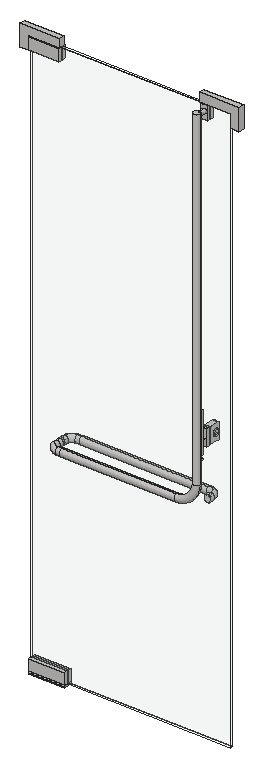
Revit family "Doors_Swing_Avanti_Systems_Pivot-Frameless-Single-Swing-Door-Dbl-Glazed", category Doors, Revit 2015 (continued)
Definition of nested family "Handle"
  Definition of nested family "Handle_For-Glass_Rounded_60in"
    Forms (in)
      Extrusion 3, solid, material <- "Handle Material"
        sketch origin (0, -11.8462, 0) x (1, 0, 0) y (0, 0, -1)
          loop
            circle (0, -2.27257) r 0.39445
        from -28.12419 to 31.87581
      Revolve 4, solid, material <- "Handle Material"
        sketch origin (0, -11.8462, 0) x (0, 0, -1) y (0, 1, 0)
          loop
            line (-3.10757, 20.0489) -> (-3.19084, 20.0489) -> (-3.19084, 19.87581) -> (-3.10757, 19.87581) -> (-3.10757, 20.0489)
          axis (-3.10757, 19.87581) -> (-3.19084, 19.87581)
        angle from 0 to 360
      Extrusion 5, solid, material <- "Handle Material", visible <- "Locker"
        sketch origin (0, -11.8462, 0) x (0, 0, -1) y (0, 1, 0)
          loop
            line (-3.19084, 19.98905) -> (-3.34908, 19.98905)
            arc (-3.34908, 19.98905) -> (-3.37904, 19.97664) -> (-3.39145, 19.94668) r 0.04237
            line (-3.39145, 19.94668) -> (-3.39145, 19.80495)
            arc (-3.39145, 19.80495) -> (-3.37904, 19.77499) -> (-3.34908, 19.76258) r 0.04237
            line (-3.34908, 19.76258) -> (-3.19084, 19.76258) -> (-3.19084, 19.98905)
        from -0.03592 to 0.03621
      Revolve 6, solid, material <- "Handle Material", visible <- "No locker"
        sketch origin (0, -11.62359, 0) x (0, 0, -1) y (0, 1, 0)
          loop
            line (-3.10757, 20.0489) -> (-3.20833, 20.0489) -> (-3.20833, 19.87581) -> (-3.10757, 19.87581) -> (-3.10757, 20.0489)
          axis (-3.10757, 19.87581) -> (-3.20833, 19.87581)
        angle from 0 to 360
      Revolve 7, solid, material <- "Handle Material", visible <- "Locker"
        sketch origin (0, -11.8462, 0) x (0, 0, -1) y (0, 1, 0)
          loop
            line (-2.27257, -28.12419) -> (-2.50833, -28.12419) -> (-2.50833, -29.32199) -> (-2.41048, -29.49919) -> (-2.27257, -29.49919) -> (-2.27257, -28.12419)
          axis (-2.27257, -28.12419) -> (-2.27257, -29.49919)
        angle from 0 to 360
    Lines and regions (in)
      reference lines
        curve 1: line (0, -40.47039, 2.66749) -> (0, -40.47039, 0)
    Dimensions and locks (in)
      locked: plane 8 to plane 5 at 3
      "Handle Height": plane 7 to plane 8
      aligned and locked: Extrusion 3 to plane 7
      aligned and locked: Extrusion 3 to plane 8
      aligned and locked: Sweep 1 sketch curve to plane 5
  Definition of nested family "Handle_For-Glass_Rounded_60in2"
    Parameters (values of type "60"")
      No locker [instance] = yes
      Locker [instance] = yes
      Handle Material [instance] = none
      Handle Height [instance] = 60"  # constant formula
    Reference planes (in)
      plane 1 "Center (Front/Back)": y = 0
      plane 2: z = 19.87581
      plane 3 "Center (Left/Right)": x = 0
      plane 4: y = -36.97039
      plane 5: z = 0
      plane 6: y = 20.02961
      plane 7: y = -39.97039
      plane 8: z = -2.66749
    Forms (in)
      Sweep 1, solid, material <- "Handle Material"
        path origin (0, -11.8462, 0) x (0, 0, 1) y (0, 1, 0)
          loop
            line (-2.10925, -25.12419) -> (0, -25.12419)
        profile origin (0, -36.97039, 0) x (0, -1, 0) y (1, 0, 0)
          loop
            circle (0, 0) r 0.3125
      Sweep 2, solid, material <- "Handle Material"
        path origin (0, 16.15997, 0) x (0, 0, 1) y (0, 1, 0)
          loop
            line (-3.10757, -8.13036) -> (0, -8.13036)
        profile origin (0, 8.02961, 0) x (0, -1, 0) y (1, 0, 0)
          loop
            circle (0, 0) r 0.4375
      Extrusion 3, solid, material <- "Handle Material"
        sketch origin (0, -11.8462, 0) x (1, 0, 0) y (0, 0, -1)
          loop
            circle (0, 2.27257) r 0.39445
        from -28.12419 to 31.87581
      Revolve 4, solid, material <- "Handle Material"
        sketch origin (0, -11.8462, 0) x (0, 0, 1) y (0, 1, 0)
          loop
            line (-3.10757, 20.0489) -> (-3.19084, 20.0489) -> (-3.19084, 19.87581) -> (-3.10757, 19.87581) -> (-3.10757, 20.0489)
          axis (-3.10757, 19.87581) -> (-3.19084, 19.87581)
        angle from 0 to 360
      Extrusion 5, solid, material <- "Handle Material", visible <- "Locker"
        sketch origin (0, -11.8462, 0) x (0, 0, 1) y (0, -1, 0)
          loop
            line (-3.19084, -19.98905) -> (-3.19084, -19.76258) -> (-3.34908, -19.76258)
            arc (-3.34908, -19.76258) -> (-3.37904, -19.77499) -> (-3.39145, -19.80495) r 0.04237
            line (-3.39145, -19.80495) -> (-3.39145, -19.94668)
            arc (-3.39145, -19.94668) -> (-3.37904, -19.97664) -> (-3.34908, -19.98905) r 0.04237
            line (-3.34908, -19.98905) -> (-3.19084, -19.98905)
        from -0.03592 to 0.03621
      Revolve 6, solid, material <- "Handle Material", visible <- "No locker"
        sketch origin (0, -11.62359, 0) x (0, 0, 1) y (0, 1, 0)
          loop
            line (-3.10757, 20.0489) -> (-3.20833, 20.0489) -> (-3.20833, 19.87581) -> (-3.10757, 19.87581) -> (-3.10757, 20.0489)
          axis (-3.10757, 19.87581) -> (-3.20833, 19.87581)
        angle from 0 to 360
      Revolve 7, solid, material <- "Handle Material", visible <- "Locker"
        sketch origin (0, -11.8462, 0) x (0, 0, 1) y (0, 1, 0)
          loop
            line (-2.27257, -28.12419) -> (-2.50833, -28.12419) -> (-2.50833, -29.32199) -> (-2.41048, -29.49919) -> (-2.27257, -29.49919) -> (-2.27257, -28.12419)
          axis (-2.27257, -28.12419) -> (-2.27257, -29.49919)
        angle from 0 to 360
    Lines and regions (in)
      reference lines
        curve 1: line (0, -40.47039, -2.66749) -> (0, -40.47039, 0)
    Dimensions and locks (in)
      locked: plane 7 to plane 4 at 3
      "Handle Height": plane 6 to plane 7
Definition of nested family "Recessed Floor Closer - Elevation"
  Reference planes (in)
    plane 1 "Center (Front/Back)": y = 0
    plane 2: z = 0
    plane 3 "Center (Left/Right)": x = 0
  Lines and regions (in)
    model lines, in view "Ref. Level"
      curve 1: line (7.18456, 0, 0) -> (7.53314, 0, 0)
      curve 2: line (-2.0721, -0.11624, 0) -> (-3.00164, -0.11624, 0)
      curve 3: line (8.89669, -0.11624, 0) -> (8.38522, -0.11624, 0)
      curve 4: line (-1.84, 0, 0) -> (-1.55577, 0, 0)
      curve 5: line (-1.55577, 0, 0) -> (-1.49142, 0, 0)
      curve 6: arc (0.61969, 0, 0) -> (0.65371, -0.08219, 0) -> (0.73589, -0.11624, 0) r 0.11619
      curve 7: arc (-0.73589, -0.11624, 0) -> (-0.65372, -0.08221, 0) -> (-0.61969, -0.00005, 0) r 0.11619
      curve 8: line (8.32712, -0.11624, 0) -> (8.32712, -2.22707, 0)
      curve 9: line (8.32712, -2.22707, 0) -> (-2.014, -2.22707, 0)
      curve 10: line (-2.014, -2.22707, 0) -> (-2.014, -0.11624, 0)
      curve 11: arc (4.93697, -0.32926, 0) -> (5.02675, -0.36198, 0) -> (5.12145, -0.37467, 0) r 0.44269
      curve 12: arc (6.01869, -0.50358, 0) -> (5.97995, -0.40943, 0) -> (5.88426, -0.37467, 0) r 0.12595
      curve 13: arc (-0.98859, -2.01405, 0) -> (-1.01198, -1.96981, 0) -> (-1.05754, -1.9491, 0) r 0.07746
      curve 14: arc (2.23102, -1.9324, 0) -> (2.26915, -1.91661, 0) -> (2.28494, -1.87849, 0) r 0.05391
      curve 15: arc (-0.98859, -2.01405, 0) -> (-1.01198, -1.96981, 0) -> (-1.05754, -1.9491, 0) r 0.07746
      curve 16: line (4.05806, -1.49349, 0) -> (4.06976, -1.51341, 0)
      curve 17: line (4.05806, -1.40163, 0) -> (4.0949, -1.42913, 0)
      curve 18: line (2.3963, -1.87849, 0) -> (2.36082, -1.98804, 0)
      curve 19: line (2.33499, -2.01405, 0) -> (2.43976, -1.99686, 0)
      curve 20: line (2.43976, -1.99686, 0) -> (2.5209, -2.01405, 0)
      curve 21: line (2.36082, -1.98804, 0) -> (2.32981, -2.01405, 0)
      curve 22: line (2.3963, -1.87849, 0) -> (2.39485, -0.368, 0)
      curve 23: line (2.51583, -0.25184, 0) -> (2.51602, -0.2713, 0)
      curve 24: line (5.09475, -0.15497, 0) -> (5.12145, -0.1649, 0)
      curve 25: line (2.51583, -0.16218, 0) -> (2.51504, -0.15497, 0)
      curve 26: line (2.3111, -0.33011, 0) -> (2.32193, -0.3217, 0)
      curve 27: line (2.28494, -0.36799, 0) -> (2.3111, -0.33011, 0)
      curve 28: line (2.32193, -0.3217, 0) -> (2.39732, -0.2818, 0)
      curve 29: line (2.51602, -0.2713, 0) -> (2.47831, -0.28084, 0)
      curve 30: line (2.47228, -0.29053, 0) -> (2.39485, -0.36799, 0)
      curve 31: line (2.47228, -0.29053, 0) -> (2.39485, -0.368, 0)
      curve 32: line (4.93697, -0.32926, 0) -> (4.80856, -0.29053, 0)
      curve 33: line (5.86382, -1.53009, 0) -> (6.11965, -1.27426, 0)
      curve 34: line (5.94518, -0.29317, 0) -> (6.06391, -0.29317, 0)
      curve 35: line (6.09155, -0.29317, 0) -> (6.06391, -0.29317, 0)
      curve 36: line (6.11965, -0.30669, 0) -> (6.09155, -0.29317, 0)
      curve 37: line (7.11028, -0.16408, 0) -> (7.10882, -0.15646, 0)
      curve 38: line (4.06517, -1.85715, 0) -> (4.05806, -1.84734, 0)
      curve 39: line (5.91956, -0.16845, 0) -> (5.92391, -0.15497, 0)
      curve 40: line (-1.53415, -0.15497, 0) -> (-1.53612, -0.16371, 0)
      curve 41: line (5.86382, -1.42913, 0) -> (6.01869, -1.27426, 0)
      curve 42: line (5.94518, -0.29317, 0) -> (5.91956, -0.27169, 0)
      curve 43: line (4.06976, -1.51341, 0) -> (4.09028, -1.53009, 0)
      curve 44: line (4.06517, -1.87849, 0) -> (4.08977, -1.9324, 0)
      curve 45: line (7.08568, -1.9324, 0) -> (7.11028, -1.87849, 0)
      curve 46: arc (7.62029, -0.1356, 0) -> (7.61461, -0.12191, 0) -> (7.60092, -0.11624, 0) r 0.01937
      curve 47: arc (3.91178, -0.81339, 0) -> (3.90611, -0.7997, 0) -> (3.89241, -0.79403, 0) r 0.01937
      curve 48: arc (3.66003, -0.79403, 0) -> (3.64634, -0.7997, 0) -> (3.64066, -0.81339, 0) r 0.01937
      curve 49: arc (7.19425, -0.11624, 0) -> (7.18055, -0.12191, 0) -> (7.17488, -0.1356, 0) r 0.01937
      curve 50: arc (-1.89781, -1.83976, 0) -> (-1.87512, -1.89453, 0) -> (-1.82035, -1.91722, 0) r 0.07746
      curve 51: arc (-1.26843, -0.11624, 0) -> (-1.28213, -0.12191, 0) -> (-1.2878, -0.1356, 0) r 0.01937
      curve 52: arc (1.2878, -0.1356, 0) -> (1.28213, -0.12191, 0) -> (1.26843, -0.11624, 0) r 0.01937
      curve 53: arc (-1.26843, -0.11624, 0) -> (-1.28213, -0.12191, 0) -> (-1.2878, -0.1356, 0) r 0.01937
      curve 54: arc (3.53321, -1.82622, 0) -> (3.54456, -1.85361, 0) -> (3.57195, -1.86496, 0) r 0.03873
      curve 55: arc (4.05806, -1.35947, 0) -> (4.04672, -1.33209, 0) -> (4.01933, -1.32074, 0) r 0.03873
      curve 56: arc (3.57195, -1.32074, 0) -> (3.54456, -1.33209, 0) -> (3.53321, -1.35947, 0) r 0.03873
      curve 57: line (7.59124, -0.30989, 0) -> (7.62029, -0.30989, 0)
      curve 58: line (7.62029, -0.30989, 0) -> (7.62029, -0.1356, 0)
      curve 59: line (7.62029, -0.1356, 0) -> (7.62029, -0.30989, 0)
      curve 60: line (7.60092, -0.11624, 0) -> (7.48666, -0.11624, 0)
      curve 61: line (3.68327, -1.86689, 0) -> (3.68327, -2.22707, 0)
      curve 62: line (3.68327, -2.22707, 0) -> (3.86918, -2.22707, 0)
      curve 63: line (3.86918, -2.22707, 0) -> (3.86918, -1.86689, 0)
      curve 64: line (3.89241, -0.94895, 0) -> (3.89241, -0.97914, 0)
      curve 65: line (3.89241, -0.97914, 0) -> (3.89241, -1.32074, 0)
      curve 66: line (4.01933, -1.32074, 0) -> (3.89241, -1.32074, 0)
      curve 67: line (3.89241, -1.32074, 0) -> (3.66003, -1.32074, 0)
      curve 68: line (3.66003, -1.32074, 0) -> (3.66003, -0.97914, 0)
      curve 69: line (3.66003, -0.97914, 0) -> (3.66003, -0.94895, 0)
      curve 70: line (3.89241, -0.79403, 0) -> (3.81495, -0.79403, 0)
      curve 71: line (3.81495, -0.79403, 0) -> (3.80527, -0.85212, 0)
      curve 72: line (3.80527, -0.85212, 0) -> (3.74717, -0.85212, 0)
      curve 73: line (3.74717, -0.85212, 0) -> (3.73749, -0.79403, 0)
      curve 74: line (3.73749, -0.79403, 0) -> (3.66003, -0.79403, 0)
      curve 75: line (3.64066, -0.81339, 0) -> (3.64066, -0.94895, 0)
      curve 76: line (3.64066, -0.94895, 0) -> (3.91178, -0.94895, 0)
      curve 77: line (3.91178, -0.94895, 0) -> (3.91178, -0.81339, 0)
      curve 78: line (7.20393, -0.17433, 0) -> (7.22329, -0.17433, 0)
      curve 79: line (7.22329, -0.17433, 0) -> (7.59124, -0.17433, 0)
      curve 80: line (7.59124, -0.17433, 0) -> (7.59124, -0.32926, 0)
      curve 81: line (7.59124, -0.32926, 0) -> (7.23298, -0.32926, 0)
      curve 82: line (7.23298, -0.32926, 0) -> (7.20393, -0.32926, 0)
      curve 83: line (7.20393, -0.32926, 0) -> (7.20393, -0.17433, 0)
      curve 84: line (7.19425, -0.40672, 0) -> (7.23298, -0.40672, 0)
      curve 85: line (7.23298, -0.40672, 0) -> (7.64933, -0.40672, 0)
      curve 86: line (7.64933, -0.40672, 0) -> (7.64933, -0.32926, 0)
      curve 87: line (7.64933, -0.32926, 0) -> (7.23298, -0.32926, 0)
      curve 88: line (7.23298, -0.32926, 0) -> (7.19425, -0.32926, 0)
      curve 89: line (7.19425, -0.32926, 0) -> (7.14583, -0.32926, 0)
      curve 90: line (7.14583, -0.32926, 0) -> (7.14583, -0.40672, 0)
      curve 91: line (7.14583, -0.40672, 0) -> (7.19425, -0.40672, 0)
      curve 92: line (7.19425, -0.40672, 0) -> (7.23298, -0.40672, 0)
      curve 93: line (7.23298, -0.40672, 0) -> (7.52346, -0.40672, 0)
      curve 94: line (7.17488, -0.1356, 0) -> (7.17488, -0.30989, 0)
      curve 95: line (7.17488, -0.30989, 0) -> (7.20393, -0.30989, 0)
      curve 96: line (7.55251, -0.11624, 0) -> (7.46343, -0.11624, 0)
      curve 97: line (7.26203, -1.10387, 0) -> (7.26203, -0.96057, 0)
      curve 98: line (7.26203, -0.96057, 0) -> (7.11872, -0.96057, 0)
      curve 99: line (7.11872, -0.96057, 0) -> (7.11872, -0.40672, 0)
      curve 100: line (7.11872, -0.40672, 0) -> (7.24266, -0.40672, 0)
      curve 101: line (7.24266, -0.40672, 0) -> (7.43631, -0.40672, 0)
      curve 102: line (7.43631, -0.40672, 0) -> (7.64933, -0.40672, 0)
      curve 103: line (7.64933, -0.40672, 0) -> (7.64933, -1.80103, 0)
      curve 104: line (7.64933, -1.80103, 0) -> (7.43631, -1.97532, 0)
      curve 105: line (7.43631, -1.97532, 0) -> (7.11872, -1.97532, 0)
      curve 106: line (7.11872, -1.97532, 0) -> (7.11872, -1.56864, 0)
      curve 107: line (7.11872, -1.56864, 0) -> (7.26203, -1.56864, 0)
      curve 108: line (7.26203, -1.56864, 0) -> (7.26203, -0.96057, 0)
      curve 109: line (7.43631, -1.97532, 0) -> (7.43631, -0.52291, 0)
      curve 110: line (7.43631, -0.52291, 0) -> (7.64933, -0.52291, 0)
      curve 111: line (7.43631, -0.52291, 0) -> (7.24266, -0.52291, 0)
      curve 112: line (7.24266, -0.52291, 0) -> (7.11872, -0.52291, 0)
      curve 113: line (7.1652, -1.56864, 0) -> (7.1652, -0.96057, 0)
      curve 114: line (-1.83971, -0.48418, 0) -> (-1.83971, -1.10387, 0)
      curve 115: line (-1.83971, -1.10387, 0) -> (-1.83971, -1.85912, 0)
      curve 116: line (-1.83971, -1.85912, 0) -> (-1.52987, -1.85912, 0)
      curve 117: line (-1.52987, -1.85912, 0) -> (-1.52987, -1.91722, 0)
      curve 118: line (-1.52987, -1.91722, 0) -> (-1.60249, -1.91722, 0)
      curve 119: line (-1.60249, -1.91722, 0) -> (-1.82035, -1.91722, 0)
      curve 120: line (-1.89781, -1.83976, 0) -> (-1.89781, -1.15132, 0)
      curve 121: line (-1.89781, -1.15132, 0) -> (-1.89781, -1.10387, 0)
      curve 122: line (-1.89781, -1.10387, 0) -> (-1.89781, -0.49386, 0)
      curve 123: line (-1.89781, -0.49386, 0) -> (-1.89781, -0.48418, 0)
      curve 124: line (-1.89781, -0.48418, 0) -> (-1.83971, -0.48418, 0)
      curve 125: line (-1.83971, -0.48418, 0) -> (-1.83971, -0.5384, 0)
      curve 126: line (-1.2878, -0.1356, 0) -> (-1.2878, -0.15497, 0)
      curve 127: line (-0.73589, -0.11624, 0) -> (0, -0.11624, 0)
      curve 128: line (0, -0.11624, 0) -> (0.73589, -0.11624, 0)
      curve 129: line (1.2878, -0.15497, 0) -> (1.2878, -0.1356, 0)
      curve 130: line (-0.74557, -0.11624, 0) -> (-1.26843, -0.11624, 0)
      curve 131: line (3.53321, -1.82622, 0) -> (3.53321, -1.35947, 0)
      curve 132: line (3.57195, -1.86496, 0) -> (3.66003, -1.86496, 0)
      curve 133: line (3.66003, -1.86496, 0) -> (3.89241, -1.86496, 0)
      curve 134: line (3.89241, -1.86496, 0) -> (4.05806, -1.86496, 0)
      curve 135: line (4.05806, -1.86496, 0) -> (4.05806, -1.85445, 0)
      curve 136: line (4.05806, -1.84734, 0) -> (4.05806, -1.85445, 0)
      curve 137: line (4.05806, -1.85445, 0) -> (4.05806, -1.49349, 0)
      curve 138: line (4.05806, -1.49349, 0) -> (4.05806, -1.40163, 0)
      curve 139: line (4.05806, -1.40163, 0) -> (4.05806, -1.38844, 0)
      curve 140: line (4.05806, -1.38844, 0) -> (4.05806, -1.35947, 0)
      curve 141: line (3.66003, -1.32074, 0) -> (3.57195, -1.32074, 0)
      curve 142: line (5.12145, -0.37467, 0) -> (5.12145, -0.1649, 0)
      curve 143: line (5.12145, -0.1649, 0) -> (5.12145, -0.37467, 0)
      curve 144: line (5.12145, -0.37467, 0) -> (5.86772, -0.37467, 0)
      curve 145: line (5.86772, -0.37467, 0) -> (5.88426, -0.37467, 0)
      curve 146: line (6.01869, -0.50358, 0) -> (6.01869, -1.27426, 0)
      curve 147: line (6.01869, -1.27426, 0) -> (6.01869, -0.50358, 0)
      curve 148: line (3.68327, -2.01405, 0) -> (2.55854, -2.01405, 0)
      curve 149: line (2.55854, -2.01405, 0) -> (2.5209, -2.01405, 0)
      curve 150: line (-0.98859, -2.01405, 0) -> (2.23102, -2.01405, 0)
      curve 151: line (2.23102, -2.01405, 0) -> (2.306, -2.01405, 0)
      curve 152: line (2.306, -2.01405, 0) -> (2.32981, -2.01405, 0)
      curve 153: line (2.28494, -1.87849, 0) -> (2.28494, -0.36799, 0)
      curve 154: line (2.51583, -0.25184, 0) -> (2.51583, -0.16218, 0)
      curve 155: line (5.86772, -0.15497, 0) -> (5.10856, -0.15497, 0)
      curve 156: line (5.10856, -0.15497, 0) -> (5.09475, -0.15497, 0)
      curve 157: line (5.09475, -0.15497, 0) -> (5.0365, -0.15497, 0)
      curve 158: line (5.0365, -0.15497, 0) -> (5.02826, -0.15497, 0)
      curve 159: line (5.02826, -0.15497, 0) -> (4.93742, -0.15497, 0)
      curve 160: line (4.93742, -0.15497, 0) -> (4.93697, -0.32926, 0)
      curve 161: line (4.80856, -0.29053, 0) -> (4.74402, -0.29053, 0)
      curve 162: line (4.74402, -0.29053, 0) -> (4.73572, -0.29053, 0)
      curve 163: line (4.73572, -0.29053, 0) -> (2.81287, -0.29053, 0)
      curve 164: line (2.81287, -0.29053, 0) -> (2.55113, -0.29053, 0)
      curve 165: line (2.55113, -0.29053, 0) -> (2.49738, -0.29053, 0)
      curve 166: line (2.49738, -0.29053, 0) -> (2.47228, -0.29053, 0)
      curve 167: line (2.47228, -0.29053, 0) -> (2.46333, -0.29053, 0)
      curve 168: line (4.93742, -0.15497, 0) -> (4.73572, -0.15497, 0)
      curve 169: line (4.73572, -0.15691, 0) -> (2.7403, -0.15691, 0)
      curve 170: line (2.7403, -0.15497, 0) -> (2.51504, -0.15497, 0)
      curve 171: line (2.51504, -0.15497, 0) -> (2.4564, -0.15497, 0)
      curve 172: line (2.4564, -0.15497, 0) -> (2.44879, -0.15497, 0)
      curve 173: line (2.44879, -0.15497, 0) -> (2.39732, -0.15497, 0)
      curve 174: line (6.11965, -0.30669, 0) -> (6.11965, -0.31568, 0)
      curve 175: line (6.11965, -0.31568, 0) -> (6.11965, -1.27426, 0)
      curve 176: line (-1.60733, -0.15497, 0) -> (-1.60733, -0.8133, 0)
      curve 177: line (-1.60733, -0.8133, 0) -> (-1.72352, -0.8133, 0)
      curve 178: line (-1.72352, -0.8133, 0) -> (-1.73901, -0.8133, 0)
      curve 179: line (2.23102, -1.9324, 0) -> (-1.22785, -1.9324, 0)
      curve 180: line (-1.22785, -1.9324, 0) -> (-1.05754, -1.9491, 0)
      curve 181: line (-1.05754, -1.9491, 0) -> (-1.22785, -1.9324, 0)
      curve 182: line (-1.22785, -1.9324, 0) -> (-1.5105, -1.90469, 0)
      curve 183: line (-1.5105, -1.90469, 0) -> (-1.5105, -1.85912, 0)
      curve 184: line (-1.5105, -1.85912, 0) -> (-1.60733, -1.85912, 0)
      curve 185: line (-1.60733, -1.85912, 0) -> (-1.60733, -1.00695, 0)
      curve 186: line (-1.60733, -1.00695, 0) -> (-1.72352, -1.00695, 0)
      curve 187: line (-1.72352, -1.00695, 0) -> (-1.73901, -1.00695, 0)
      curve 188: line (-1.73901, -1.00695, 0) -> (-1.73901, -1.40588, 0)
      curve 189: line (-1.73901, -1.40588, 0) -> (-1.8152, -1.40588, 0)
      curve 190: line (-1.8152, -1.40588, 0) -> (-1.83971, -1.40588, 0)
      curve 191: line (-1.83971, -1.40588, 0) -> (-1.83971, -1.41574, 0)
      curve 192: line (-1.83971, -1.41574, 0) -> (-1.83971, -1.85912, 0)
      curve 193: line (-1.83971, -1.85912, 0) -> (-1.72836, -1.85912, 0)
      curve 194: line (-1.72836, -1.85912, 0) -> (-1.60733, -1.85912, 0)
      curve 195: line (-1.60733, -0.8133, 0) -> (-1.54923, -0.8133, 0)
      curve 196: line (-1.54923, -0.8133, 0) -> (-1.53612, -0.8133, 0)
      curve 197: line (-1.53612, -1.85912, 0) -> (-1.53612, -0.16371, 0)
      curve 198: line (2.39732, -0.2818, 0) -> (2.39732, -0.15497, 0)
      curve 199: line (2.39732, -0.15497, 0) -> (1.39431, -0.15497, 0)
      curve 200: line (1.39431, -0.15497, 0) -> (0.51053, -0.15497, 0)
      curve 201: line (0.51053, -0.15497, 0) -> (0.51053, -0.23243, 0)
      curve 202: line (0.51053, -0.23243, 0) -> (-0.51053, -0.23243, 0)
      curve 203: line (-0.51053, -0.23243, 0) -> (-0.51053, -0.15497, 0)
      curve 204: line (-1.73901, -1.00695, 0) -> (-1.73901, -0.8133, 0)
      curve 205: line (-1.73901, -0.8133, 0) -> (-1.83971, -0.8133, 0)
      curve 206: line (-1.83971, -0.8133, 0) -> (-1.83971, -0.46472, 0)
      curve 207: line (-1.83971, -0.46472, 0) -> (-1.89781, -0.46472, 0)
      curve 208: line (-1.89781, -0.46472, 0) -> (-1.89781, -0.15875, 0)
      curve 209: line (-1.89781, -0.15875, 0) -> (-1.60733, -0.15497, 0)
      curve 210: line (-1.60733, -0.15497, 0) -> (-1.54854, -0.15497, 0)
      curve 211: line (-1.54854, -0.15497, 0) -> (-1.53415, -0.15497, 0)
      curve 212: line (-1.53415, -0.15497, 0) -> (-1.39431, -0.15497, 0)
      curve 213: line (-1.39431, -0.15497, 0) -> (-0.51053, -0.15497, 0)
      curve 214: line (-1.60733, -1.00695, 0) -> (-1.54923, -1.00695, 0)
      curve 215: line (-1.54923, -1.00695, 0) -> (-1.53612, -1.00695, 0)
      curve 216: line (7.11028, -1.87849, 0) -> (7.11028, -0.16408, 0)
      curve 217: line (5.86772, -0.37467, 0) -> (5.86772, -0.1649, 0)
      curve 218: line (5.86772, -0.1649, 0) -> (5.86772, -0.15497, 0)
      curve 219: line (5.86772, -0.15497, 0) -> (5.9086, -0.15497, 0)
      curve 220: line (5.9086, -0.15497, 0) -> (5.92391, -0.15497, 0)
      curve 221: line (5.92391, -0.15497, 0) -> (7.10815, -0.15497, 0)
      curve 222: line (7.10815, -0.15497, 0) -> (7.11543, -0.15497, 0)
      curve 223: line (7.11543, -0.15497, 0) -> (7.11872, -0.16524, 0)
      curve 224: line (5.86382, -1.53009, 0) -> (5.33754, -1.53009, 0)
      curve 225: line (5.33754, -1.53009, 0) -> (5.08104, -1.53009, 0)
      curve 226: line (5.08104, -1.53009, 0) -> (4.95588, -1.53009, 0)
      curve 227: line (4.95588, -1.53009, 0) -> (4.09028, -1.53009, 0)
      curve 228: line (4.06517, -1.85715, 0) -> (4.06517, -1.87849, 0)
      curve 229: line (4.0949, -1.42913, 0) -> (4.95357, -1.42913, 0)
      curve 230: line (4.95357, -1.42913, 0) -> (5.86382, -1.42913, 0)
      curve 231: line (5.91956, -0.27169, 0) -> (5.91956, -0.16845, 0)
      curve 232: line (4.08977, -1.9324, 0) -> (7.08568, -1.9324, 0)
      curve 233: line (7.11872, -0.16524, 0) -> (7.11872, -1.87849, 0)
      curve 234: line (7.11872, -1.87849, 0) -> (7.11872, -2.01405, 0)
      curve 235: line (7.11872, -2.01405, 0) -> (7.08706, -2.01405, 0)
      curve 236: line (3.86918, -2.01405, 0) -> (7.08706, -2.01405, 0)
      curve 237: line (-1.51885, -2.22707, 0) -> (-1.51885, -1.85696, 0)
      curve 238: line (-1.70476, -1.91722, 0) -> (-1.70476, -2.22707, 0)
      curve 239: line (-3.00164, -0.11624, 0) -> (-1.80592, -0.11624, 0)
      curve 240: line (-1.80592, -0.11624, 0) -> (-1.59338, -0.11624, 0)
      curve 241: line (-1.59338, -0.11624, 0) -> (-1.5255, -0.11624, 0)
      curve 242: line (-1.5255, -0.11624, 0) -> (-0.76493, -0.11624, 0)
      curve 243: line (7.21864, -0.11624, 0) -> (0.7262, -0.11624, 0)
      curve 244: line (0.7262, -0.11624, 0) -> (7.21864, -0.11624, 0)
      curve 245: line (7.21864, -0.11624, 0) -> (7.43199, -0.11624, 0)
      curve 246: line (7.43199, -0.11624, 0) -> (7.49906, -0.11624, 0)
      curve 247: line (7.49906, -0.11624, 0) -> (8.89669, -0.11624, 0)
      curve 248: line (7.62029, -0.11624, 0) -> (8.32712, -0.11624, 0)
      curve 249: line (8.32712, -0.11624, 0) -> (8.38522, -0.11624, 0)
      curve 250: line (-2.0721, -0.11624, 0) -> (-2.014, -0.11624, 0)
      curve 251: line (-2.014, -0.11624, 0) -> (-1.8339, -0.11624, 0)
      curve 252: arc (0.42023, 0.12764, 0) -> (0.43163, 0.10388, 0) -> (0.4571, 0.09713, 0) r 0.03147
      curve 253: arc (-0.4571, 0.09713, 0) -> (-0.43163, 0.10388, 0) -> (-0.42023, 0.12764, 0) r 0.03147
      curve 254: arc (0.61969, -0.00005, 0) -> (0.60835, 0.02734, 0) -> (0.58096, 0.03869, 0) r 0.03873
      curve 255: arc (-0.58096, 0.03869, 0) -> (-0.60835, 0.02734, 0) -> (-0.61969, -0.00005, 0) r 0.03873
      curve 256: line (0.48414, 0.03869, 0) -> (0.48414, 0.0503, 0)
      curve 257: line (0.48414, 0.0503, 0) -> (0.4571, 0.09713, 0)
      curve 258: line (-0.48414, 0.03869, 0) -> (-0.48414, 0.0503, 0)
      curve 259: line (-0.48414, 0.0503, 0) -> (-0.4571, 0.09713, 0)
      curve 260: line (0.42023, 0.12764, 0) -> (0.42023, 0.3098, 0)
      curve 261: line (0.42023, 0.3098, 0) -> (0.42023, 0.55175, 0)
      curve 262: line (0.42023, 0.55175, 0) -> (0.38438, 0.75509, 0)
      curve 263: line (0.38438, 0.75509, 0) -> (0.34564, 0.79382, 0)
      curve 264: line (0.34564, 0.79382, 0) -> (0.27875, 0.79382, 0)
      curve 265: line (0.27875, 0.79382, 0) -> (0.06197, 0.79382, 0)
      curve 266: line (0.06197, 0.79382, 0) -> (-0.06197, 0.79382, 0)
      curve 267: line (-0.06197, 0.79382, 0) -> (-0.27875, 0.79382, 0)
      curve 268: line (-0.27875, 0.79382, 0) -> (-0.34564, 0.79382, 0)
      curve 269: line (-0.34564, 0.79382, 0) -> (-0.38438, 0.75509, 0)
      curve 270: line (-0.38438, 0.75509, 0) -> (-0.42023, 0.55175, 0)
      curve 271: line (-0.42023, 0.55175, 0) -> (-0.42023, 0.3098, 0)
      curve 272: line (-0.42023, 0.3098, 0) -> (-0.42023, 0.12764, 0)
      curve 273: line (-0.58096, 0.03869, 0) -> (0, 0.03869, 0)
      curve 274: line (0, 0.03869, 0) -> (0.58096, 0.03869, 0)
      curve 275: line (-3.00164, 0, 0) -> (-1.84, 0, 0)
      curve 276: line (-1.49142, 0, 0) -> (-0.75525, 0, 0)
      curve 277: line (-0.75525, 0, 0) -> (-0.61969, 0, 0)
      curve 278: line (0.61969, 0, 0) -> (0.71652, 0, 0)
      curve 279: line (0.71652, 0, 0) -> (7.18456, 0, 0)
      curve 280: line (8.89669, -0.11624, 0) -> (8.90808, -0.05927, 0)
      curve 281: line (8.90808, -0.05927, 0) -> (8.52653, 0, 0)
      curve 282: line (8.52653, 0, 0) -> (7.53314, 0, 0)
      curve 283: line (8.38522, -0.11624, 0) -> (8.38522, -2.28516, 0)
      curve 284: line (8.38522, -2.28516, 0) -> (-2.0721, -2.28516, 0)
      curve 285: line (-2.0721, -2.28516, 0) -> (-2.0721, -0.11624, 0)
      curve 286: line (7.2869, -0.11624, 0) -> (7.19425, -0.11624, 0)
      curve 287: line (1.26843, -0.11624, 0) -> (0.74557, -0.11624, 0)
      curve 288: line (0.74557, -0.11624, 0) -> (0.73589, -0.11624, 0)
      curve 289: line (-0.73589, -0.11624, 0) -> (-0.74557, -0.11624, 0)
      curve 290: line (-1.70476, -2.22707, 0) -> (-1.51885, -2.22707, 0)
      curve 291: line (-3.00164, 0, 0) -> (-3.00164, -0.11624, 0)
      curve 292: line (-3.00164, -0.0581, 0) -> (-1.86406, -0.0581, 0)
      curve 293: line (-1.86406, -0.0581, 0) -> (-1.80592, -0.11624, 0)
      curve 294: line (-1.80592, -0.11624, 0) -> (-1.76254, -0.07746, 0)
      curve 295: line (-1.76254, -0.07746, 0) -> (-1.84, 0, 0)
      curve 296: line (-0.63523, -0.0581, 0) -> (-0.75525, -0.0581, 0)
      curve 297: line (-0.75525, -0.0581, 0) -> (-0.75525, 0, 0)
      curve 298: line (-0.75525, 0, 0) -> (-0.75525, -0.0581, 0)
      curve 299: line (-0.75525, -0.0581, 0) -> (-1.46736, -0.0581, 0)
      curve 300: line (-1.46736, -0.0581, 0) -> (-1.5255, -0.11624, 0)
      curve 301: line (-1.5278, -0.11624, 0) -> (-1.56888, -0.07746, 0)
      curve 302: line (-1.56888, -0.07746, 0) -> (-1.49142, 0, 0)
      curve 303: line (0.63523, -0.0581, 0) -> (0.71652, -0.0581, 0)
      curve 304: line (0.71652, -0.0581, 0) -> (0.71652, 0, 0)
      curve 305: line (7.53314, 0, 0) -> (7.45568, -0.07746, 0)
      curve 306: line (7.45568, -0.07746, 0) -> (7.49906, -0.11624, 0)
      curve 307: line (7.49906, -0.11624, 0) -> (7.55721, -0.0581, 0)
      curve 308: line (7.55721, -0.0581, 0) -> (8.52078, -0.0581, 0)
      curve 309: line (8.52078, -0.0581, 0) -> (8.89669, -0.11624, 0)
      curve 310: line (7.18456, 0, 0) -> (7.26203, -0.07746, 0)
      curve 311: line (7.26203, -0.07746, 0) -> (7.21864, -0.11624, 0)
      curve 312: line (7.21864, -0.11624, 0) -> (7.1605, -0.0581, 0)
      curve 313: line (7.1605, -0.0581, 0) -> (0.71652, -0.0581, 0)
Definition of nested family "Recessed Floor Closer - Section"
  Reference planes (in)
    plane 1 "Center (Front/Back)": y = 0
    plane 2: z = 0
    plane 3 "Center (Left/Right)": x = 0
  Lines and regions (in)
    model lines, in view "Ref. Level"
      curve 1: line (0.74557, 0, 0) -> (0.73589, 0, 0)
      curve 2: line (-0.73589, 0, 0) -> (-0.74557, 0, 0)
      curve 3: line (1.54923, 0, 0) -> (2.13019, 0, 0)
      curve 4: line (-2.13019, 0, 0) -> (-1.54923, 0, 0)
      curve 5: arc (0.21751, 0.13296, 0) -> (0.21284, 0.1349, 0) -> (0.20783, 0.13556, 0) r 0.01937
      curve 6: arc (-0.20783, 0.13556, 0) -> (-0.21284, 0.1349, 0) -> (-0.21751, 0.13296, 0) r 0.01937
      curve 7: arc (0.61969, 0.11619, 0) -> (0.65372, 0.03403, 0) -> (0.73589, 0, 0) r 0.11619
      curve 8: arc (-0.73589, 0, 0) -> (-0.65372, 0.03403, 0) -> (-0.61969, 0.11619, 0) r 0.11619
      curve 9: line (0.20783, 0.13556, 0) -> (0.17424, 0.13556, 0)
      curve 10: line (0.17424, 0.13556, 0) -> (-0.10929, 0.13556, 0)
      curve 11: line (-0.10929, 0.13556, 0) -> (-0.17424, 0.13556, 0)
      curve 12: line (-0.17424, 0.13556, 0) -> (-0.20783, 0.13556, 0)
      curve 13: line (-0.2801, 0.09683, 0) -> (-0.21751, 0.13296, 0)
      curve 14: line (0.21751, 0.13296, 0) -> (0.2801, 0.09683, 0)
      curve 15: line (-1.49114, -1.99464, 0) -> (-1.49114, -0.61969, 0)
      curve 16: line (-1.49114, -0.61969, 0) -> (-1.49114, 0, 0)
      curve 17: line (-1.49114, 0, 0) -> (0, 0, 0)
      curve 18: line (0, 0, 0) -> (1.54923, 0, 0)
      curve 19: line (0.48414, 0.18591, 0) -> (0.07851, 0.18591, 0)
      curve 20: line (-0.21706, 0.68735, 0) -> (0.21706, 0.68735, 0)
      curve 21: line (0.16731, 0.18591, 0) -> (-0.48414, 0.18591, 0)
      curve 22: line (-0.23545, 0.26324, 0) -> (0.23928, 0.26324, 0)
      curve 23: line (1.37494, -2.11083, 0) -> (-1.37494, -2.11083, 0)
      curve 24: line (-1.54923, 0, 0) -> (-0.62341, 0, 0)
      curve 25: line (1.49114, 0, 0) -> (1.49114, -0.61969, 0)
      curve 26: line (1.49114, -0.61969, 0) -> (1.49114, -1.60733, 0)
      curve 27: line (1.49114, -1.60733, 0) -> (1.49114, -1.99464, 0)
      curve 28: arc (1.37494, -2.11083, 0) -> (1.4571, -2.0768, 0) -> (1.49114, -1.99464, 0) r 0.11619
      curve 29: arc (-1.49114, -1.99464, 0) -> (-1.4571, -2.0768, 0) -> (-1.37494, -2.11083, 0) r 0.11619
      curve 30: arc (1.22724, -1.89781, 0) -> (1.26353, -1.87002, 0) -> (1.29014, -1.83286, 0) r 0.15492
      curve 31: arc (1.29014, -1.83286, 0) -> (1.29406, -1.82462, 0) -> (1.29748, -1.81616, 0) r 0.15492
      curve 32: arc (-1.29748, -1.81616, 0) -> (-1.29406, -1.82462, 0) -> (-1.29014, -1.83286, 0) r 0.15492
      curve 33: arc (-1.29014, -1.83286, 0) -> (-1.26353, -1.87003, 0) -> (-1.22724, -1.89781, 0) r 0.15492
      curve 34: line (-1.22513, -1.78276, 0) -> (-1.26843, -1.78465, 0)
      curve 35: line (-1.29748, -1.78594, 0) -> (-1.26843, -1.78465, 0)
      curve 36: line (1.26843, -1.78465, 0) -> (1.29748, -1.78594, 0)
      curve 37: line (1.26843, -1.78465, 0) -> (1.22513, -1.78276, 0)
      curve 38: arc (-1.26843, 0, 0) -> (-1.28213, -0.00567, 0) -> (-1.2878, -0.01937, 0) r 0.01937
      curve 39: arc (1.2878, -0.01937, 0) -> (1.28213, -0.00567, 0) -> (1.26843, 0, 0) r 0.01937
      curve 40: arc (1.2878, -0.01937, 0) -> (1.28213, -0.00567, 0) -> (1.26843, 0, 0) r 0.01937
      curve 41: line (1.09995, -2.11083, 0) -> (1.09995, -1.89781, 0)
      curve 42: line (0.91405, -1.89781, 0) -> (0.91405, -2.11083, 0)
      curve 43: line (-1.09995, -1.89781, 0) -> (-1.09995, -2.11083, 0)
      curve 44: line (-0.91405, -2.11083, 0) -> (-0.91405, -1.89781, 0)
      curve 45: line (-1.29014, -1.83286, 0) -> (1.29014, -1.83286, 0)
      curve 46: line (-1.16192, -0.69706, 0) -> (-1.21034, -0.69706, 0)
      curve 47: line (-1.21034, -0.69706, 0) -> (-1.21034, -0.34849, 0)
      curve 48: line (-1.21034, -0.34849, 0) -> (-1.21034, -0.04251, 0)
      curve 49: line (-1.16192, -1.78276, 0) -> (-1.22513, -1.78276, 0)
      curve 50: line (-1.22513, -1.78276, 0) -> (-1.22513, -1.74289, 0)
      curve 51: line (-1.22513, -1.74289, 0) -> (-1.21034, -1.74289, 0)
      curve 52: line (-1.21034, -1.74289, 0) -> (-1.21034, -1.28964, 0)
      curve 53: line (-1.29748, -1.81616, 0) -> (-1.29748, -1.78594, 0)
      curve 54: line (-1.29748, -1.78594, 0) -> (-1.29748, -1.2895, 0)
      curve 55: line (-1.29748, -1.2895, 0) -> (-1.29748, -1.07662, 0)
      curve 56: line (-1.29748, -1.07662, 0) -> (-1.29748, -0.9217, 0)
      curve 57: line (-1.29748, -0.9217, 0) -> (-1.29748, -0.70868, 0)
      curve 58: line (-1.29748, -0.70868, 0) -> (-1.29748, -0.69706, 0)
      curve 59: line (-1.29748, -0.69706, 0) -> (-1.29748, -0.03873, 0)
      curve 60: line (-1.29748, -0.03873, 0) -> (1.29748, -0.03873, 0)
      curve 61: line (1.29748, -0.03873, 0) -> (1.29748, -0.69706, 0)
      curve 62: line (1.29748, -0.69706, 0) -> (1.21034, -0.69706, 0)
      curve 63: line (1.21034, -0.69706, 0) -> (1.16192, -0.69706, 0)
      curve 64: line (1.21034, -1.28964, 0) -> (1.21034, -1.74289, 0)
      curve 65: line (1.21034, -1.74289, 0) -> (1.16192, -1.74289, 0)
      curve 66: line (1.21034, -1.74289, 0) -> (1.22513, -1.74289, 0)
      curve 67: line (1.22513, -1.74289, 0) -> (1.22513, -1.78276, 0)
      curve 68: line (1.22513, -1.78276, 0) -> (1.16192, -1.78276, 0)
      curve 69: line (-1.16192, -1.74289, 0) -> (-1.21034, -1.74289, 0)
      curve 70: line (1.21034, -0.04251, 0) -> (1.21034, -0.05069, 0)
      curve 71: line (1.21034, -0.05069, 0) -> (1.21034, -0.34849, 0)
      curve 72: line (1.21034, -0.34849, 0) -> (-1.21034, -0.34849, 0)
      curve 73: line (1.21034, -0.34849, 0) -> (1.21034, -0.69706, 0)
      curve 74: line (-1.22724, -1.89781, 0) -> (1.22724, -1.89781, 0)
      curve 75: line (1.16192, -0.38731, 0) -> (1.16192, -1.82035, 0)
      curve 76: line (1.16192, -1.82035, 0) -> (-1.16192, -1.82035, 0)
      curve 77: line (-1.16192, -1.82035, 0) -> (-1.16192, -0.38731, 0)
      curve 78: line (-1.16192, -0.38731, 0) -> (1.16192, -0.38731, 0)
      curve 79: line (-1.2878, -0.01937, 0) -> (-1.2878, -0.03873, 0)
      curve 80: line (1.2878, -0.03873, 0) -> (1.2878, -0.01937, 0)
      curve 81: line (1.29748, -1.81616, 0) -> (1.29748, -1.78594, 0)
      curve 82: line (1.29748, -1.78594, 0) -> (1.29748, -1.28964, 0)
      curve 83: line (1.29748, -1.28964, 0) -> (1.29748, -1.07662, 0)
      curve 84: line (1.29748, -1.07662, 0) -> (1.29748, -0.9217, 0)
      curve 85: line (1.29748, -0.9217, 0) -> (1.29748, -0.70868, 0)
      curve 86: line (1.29748, -0.70868, 0) -> (1.29748, -0.69706, 0)
      curve 87: line (1.42191, -0.70868, 0) -> (1.45235, -1.28964, 0)
      curve 88: line (1.16192, -0.70868, 0) -> (1.46069, -0.70868, 0)
      curve 89: line (1.46069, -0.70868, 0) -> (1.49114, -1.28964, 0)
      curve 90: line (1.49114, -1.28964, 0) -> (1.16192, -1.28964, 0)
      curve 91: line (-1.16192, -0.70868, 0) -> (-1.46069, -0.70868, 0)
      curve 92: line (-1.46069, -0.70868, 0) -> (-1.49114, -1.28964, 0)
      curve 93: line (-1.49114, -1.28964, 0) -> (-1.16192, -1.28964, 0)
      curve 94: line (-1.21034, -0.69706, 0) -> (-1.29748, -0.69706, 0)
      curve 95: arc (0.24827, 0.23226, 0) -> (0.25929, 0.22475, 0) -> (0.27244, 0.22257, 0) r 0.03098
      curve 96: arc (0.23988, 0.25189, 0) -> (0.24233, 0.24133, 0) -> (0.24827, 0.23226, 0) r 0.03098
      curve 97: arc (-0.27244, 0.22257, 0) -> (-0.25929, 0.22475, 0) -> (-0.24827, 0.23226, 0) r 0.03098
      curve 98: arc (-0.24827, 0.23226, 0) -> (-0.24233, 0.24133, 0) -> (-0.23988, 0.25189, 0) r 0.03098
      curve 99: arc (0.61969, 0.11619, 0) -> (0.60835, 0.14358, 0) -> (0.58096, 0.15492, 0) r 0.03873
      curve 100: arc (-0.58096, 0.15492, 0) -> (-0.60835, 0.14358, 0) -> (-0.61969, 0.11619, 0) r 0.03873
      curve 101: line (-2.13019, 0, 0) -> (-2.13019, 0.0235, 0)
      curve 102: line (-2.13019, 0.0235, 0) -> (-1.74289, 0.09683, 0)
      curve 103: line (-1.74289, 0.09683, 0) -> (0, 0.09683, 0)
      curve 104: line (0, 0.09683, 0) -> (1.74289, 0.09683, 0)
      curve 105: line (1.74289, 0.09683, 0) -> (2.13019, 0.0235, 0)
      curve 106: line (2.13019, 0.0235, 0) -> (2.13019, 0, 0)
      curve 107: line (0.91405, -2.11083, 0) -> (1.09995, -2.11083, 0)
      curve 108: line (-1.09995, -2.11083, 0) -> (-0.91405, -2.11083, 0)
      curve 109: line (0.48414, 0.15492, 0) -> (0.48414, 0.18591, 0)
      curve 110: line (0.48414, 0.18591, 0) -> (0.45737, 0.23226, 0)
      curve 111: line (0.45737, 0.23226, 0) -> (0.27244, 0.22257, 0)
      curve 112: line (-0.27244, 0.22257, 0) -> (-0.45737, 0.23226, 0)
      curve 113: line (-0.45737, 0.23226, 0) -> (-0.48414, 0.18591, 0)
      curve 114: line (-0.48414, 0.18591, 0) -> (-0.48414, 0.15492, 0)
      curve 115: line (-0.23988, 0.25189, 0) -> (-0.23928, 0.26324, 0)
      curve 116: line (-0.23928, 0.26324, 0) -> (-0.23694, 0.30793, 0)
      curve 117: line (-0.23694, 0.30793, 0) -> (-0.23549, 0.3356, 0)
      curve 118: line (-0.23549, 0.3356, 0) -> (-0.23075, 0.42604, 0)
      curve 119: line (-0.23075, 0.42604, 0) -> (-0.21706, 0.68735, 0)
      curve 120: line (-0.21706, 0.68735, 0) -> (-0.20437, 0.92942, 0)
      curve 121: line (-0.20437, 0.92942, 0) -> (0.20437, 0.92942, 0)
      curve 122: line (0.20437, 0.92942, 0) -> (0.2064, 0.89069, 0)
      curve 123: line (0.2064, 0.89069, 0) -> (0.21706, 0.68735, 0)
      curve 124: line (-0.58096, 0.15492, 0) -> (0.07851, 0.15492, 0)
      curve 125: line (0.07851, 0.15492, 0) -> (0.58096, 0.15492, 0)
      curve 126: line (-0.74557, 0, 0) -> (-1.26843, 0, 0)
      curve 127: line (1.26843, 0, 0) -> (0.74557, 0, 0)
      curve 128: line (0.23988, 0.25189, 0) -> (0.23928, 0.26324, 0)
      curve 129: line (0.23928, 0.26324, 0) -> (0.23694, 0.30793, 0)
      curve 130: line (0.23694, 0.30793, 0) -> (0.23549, 0.3356, 0)
      curve 131: line (0.23549, 0.3356, 0) -> (0.23075, 0.42604, 0)
      curve 132: line (0.23075, 0.42604, 0) -> (0.21706, 0.68735, 0)
      curve 133: line (-1.54923, -1.99464, 0) -> (-1.54923, 0, 0)
      curve 134: line (1.37494, -2.16893, 0) -> (-1.37494, -2.16893, 0)
      curve 135: line (1.54923, 0, 0) -> (1.54923, -1.99464, 0)
      curve 136: arc (1.37494, -2.16893, 0) -> (1.49818, -2.11788, 0) -> (1.54923, -1.99464, 0) r 0.17429
      curve 137: arc (-1.54923, -1.99464, 0) -> (-1.49818, -2.11788, 0) -> (-1.37494, -2.16893, 0) r 0.17429
      curve 138: line (-2.13019, 0, 0) -> (-1.74115, 0.07359, 0)
      curve 139: line (-1.74115, 0.07359, 0) -> (0, 0.07359, 0)
      curve 140: line (0, 0.07359, 0) -> (1.74115, 0.07359, 0)
      curve 141: line (1.74115, 0.07359, 0) -> (2.13019, 0, 0)
